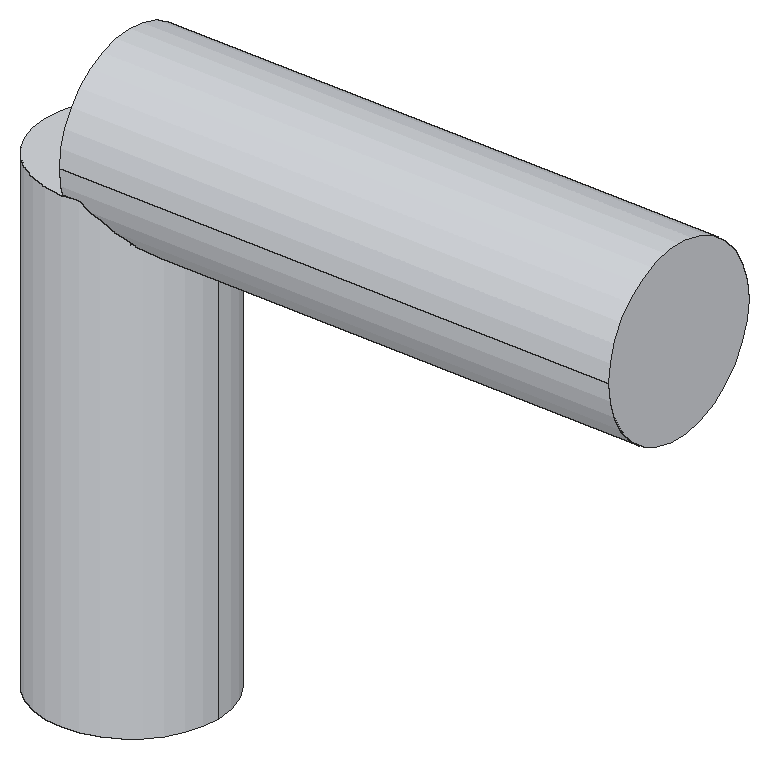
Revit family "TX120LESN", category Plumbing Fixtures, host Wall, Revit 2018
Family settings
  Host = Wall
  Round Connector Dimension = Use Diameter
  Part Type = Normal
  OmniClass Number = 23.45.00.00
  OmniClass Title = Sanitary, Laundry, and Cleaning Equipment
  Always vertical = Yes
  Cut with Voids When Loaded = No
  Shared = No
  Room Calculation Point = No
Parameters (values of type "Type 1")
  Water Supply Size = 22 mm
  Operating Water Pressure Min = 0.75 MPa
  Operating Water Pressure Max = 0.05 MPa
  Main Material = "Brass"
  Flow Rate = 5.0 L/min
  Flow Pressure = 0.2 MPa
  Finishing = Chrome - Polished
  Connection Type = "Rc½"
Reference planes
  plane 1: y = 0
  plane 2 "Center (Left/Right)": x = 125
  plane 3 "Back": y = 75
Forms (mm)
  Extrusion 1, solid
    sketch origin (1263.551, -1045.002, 803.076) x (1, 0, 0) y (0, -1, 0)
      loop
        circle (-834.638, -976.733) r 4.75
    from -42.172 to -68.114
  Extrusion 2, solid
    sketch origin (463.55, -614.835, 902.521) x (0, 1, 0) y (0, 0, 1)
      loop
        circle (546.426, -29.971) r 4.75
    from -34.637 to -4.724
Lines and regions (mm)
  reference lines
    curve 1: line (328.731, -75, 819.222) -> (328.731, -75, 909.222)
Text (mm)
  text "Placement side" at (-1787.139, 592.35, 0), in view "Ref. Level"
  text "Placement side" at (0, 1827.695, 2917.686), in view "Left"
  text "Placement side" at (0, 562.268, 3853.606), in view "Right"
Dimensions and locks
  locked: plane 3 "Back" to host wall at 0
  aligned and locked: plane 1 to host wall
Connectors
  piping at (428.913, -68.268, 871.19), diameter 9.5
    settings: on Extrusion 1, index 1, connector inside diameter 609.6 mm, connector length 0 mm, flow factor 0, pipe flow 0.0 L/min, pressure drop 0.0 MPa, fitting loss kfactor 0, connector angle 0.00°, fixture units 0, engagement length 0 mm, angle of deflection 0.00°, flow configuration 2, flow direction 1, fitting loss method 0, system type 19, joint type 0, gender type 0, connector reference index -1, connector utility 0, adjustable connector no, is connector primary yes, connector description ""
  piping at (458.826, -68.408, 872.55), diameter 9.5
    settings: on Extrusion 2, index 2, connector inside diameter 609.6 mm, connector length 0 mm, flow factor 0, pipe flow 0.0 L/min, pressure drop 0.0 MPa, fitting loss kfactor 0, connector angle 0.00°, fixture units 0, engagement length 0 mm, angle of deflection 0.00°, flow configuration 2, flow direction 1, fitting loss method 0, system type 20, joint type 0, gender type 0, connector reference index -1, connector utility 0, adjustable connector no, is connector primary no, connector description ""
